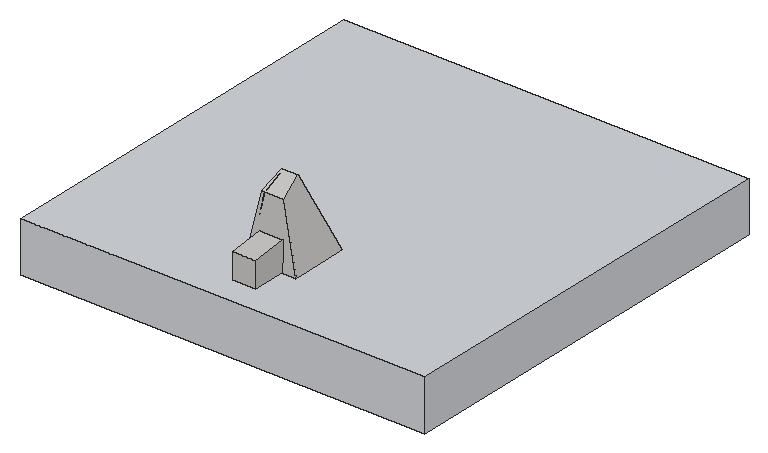
Revit family
Parameters (values of type "1707-W-1")
  Waste Connection = yes
  Vent Connection = no
  URL = "http://www.acornengineering.com"
  TF-120VAC to 24VAC transformer = no
  Specifications = "Penal Ware-Straddle-Washout Urinal-ADA compliant"
  SW-galvanized steel wall sleeve for fixture = no
  Model = "1707-W-1"
  Manufacturer = "Acorn Engineering"
  MT-Metal template (only 1 required per project) = no
  HW Connection = no
  FVT-flush valve through wall connector = yes
  FG-14-gauge cabinet = no
  EG-Enviro-glaze (standard colour as selected) = no
  Designed By = "ATS "
  Description = "Straddle-Washout Urinal-ADA Compliant"
  Default Elevation = 4' - 0"
  CW Connection = yes
  CFR-continuous flushing rim = no
  1-off floor, wall outlet = yes
Reference planes (in)
  plane 1 "Center (Front/Back)": y = 0
  plane 2: z = 0
  plane 3 "Center (Left/Right)": x = 0
  plane 4: y = -48
  plane 5: y = -28
  plane 6: y = -33.5
  plane 7: y = -20
  plane 8: y = -37.0087
  plane 9: y = -21.25175
Forms (in)
  Extrusion 1, solid
    sketch origin (0, 0, 0) x (1, 0, 0) y (0, 1, 0)
      loop
        line (-48, 48) -> (-48, -48) -> (48, -48) -> (48, 48) -> (-48, 48)
    from 0 to -12
  Blend 2, solid, material "Type 304 Stainless Steel"
    base sketch origin (0, -32.81578, 0) x (1, 0, 0) y (0, 1, 0)
      loop
        line (-6, 12.81578) -> (-6, -1.00632) -> (6, -1.00632) -> (6, 12.81578) -> (-6, 12.81578)
    top sketch origin (0, -32.81578, 0) x (1, 0, 0) y (0, 1, 0)
      loop
        line (-1.9375, 4.80883) -> (-1.9375, 0) -> (1.9375, 0) -> (1.9375, 4.80883) -> (-1.9375, 4.80883)
    from 0 to 18
  Extrusion 3, void
    sketch origin (0, -40.81568, 0) x (0, 0, -1) y (0, 1, 0)
      loop
        line (-15.1395, 7.83997) -> (-18, 12.83997) -> (-18, 7.83997) -> (-15.1395, 7.83997)
    from -5.77121 to 12
  Extrusion 4, void
    sketch origin (0, -40.81568, 0) x (0, 0, -1) y (0, 1, 0)
      loop
        line (-5.38271, 7.29451) -> (0, 6.99358) -> (0, 7.29451) -> (-5.38271, 7.29451)
    from -6.76471 to 6.72879
  Extrusion 5, solid, material "Type 304 Stainless Steel"
    sketch origin (-2.75, -40.81568, 0) x (0, 0, -1) y (0, 1, 0)
      loop
        line (0, 7.37736) -> (-6.86476, 7.37736) -> (-6, -0.70549) -> (0, -0.70549) -> (0, 7.37736)
    from 0 to 5.5
  Revolve 6, solid, material "Type 304 Stainless Steel"
    sketch origin (-0.01563, -21.25227, 0.37434) x (1, 0, 0) y (0, 0, -1)
      loop
        line (0, 0.37434) -> (0, 1.81184) -> (-0.48702, 1.81184) -> (-0.53832, 1.78398) -> (-0.4788, 1.74591) -> (-0.54019, 1.71258) -> (-0.48066, 1.67452) -> (-0.54653, 1.63875) -> (-0.48702, 1.60067) -> (-0.54394, 1.56977) -> (-0.48436, 1.53172) -> (-0.54581, 1.49836) -> (-0.48622, 1.46033) -> (-0.54768, 1.42696) -> (-0.48807, 1.38893) -> (-0.54955, 1.35555) -> (-0.48993, 1.31754) -> (-0.5516, 1.28405) -> (-0.49196, 1.24605) -> (-0.55347, 1.21265) -> (-0.49383, 1.17464) -> (-0.55534, 1.14124) -> (-0.4957, 1.10324) -> (-0.55721, 1.06984) -> (-0.49757, 1.03183) -> (-0.56008, 0.99789) -> (-0.51259, 0.9721) -> (-0.54639, 0.9721) -> (-0.54639, 0.81184) -> (-1.26496, 0.81184) -> (-1.26496, 0.37434) -> (0, 0.37434)
      axis (0, 0.37434) -> (0, 1.81184)
    angle from 0 to 360
  Extrusion 7, solid
    sketch origin (0, -48.18638, -6) x (1, 0, 0) y (0, 1, 0)
      loop
        circle (0, 26.93463) r 0.375
    from 4.30038 to 4.5
  Extrusion 8, solid, material "Type 304 Stainless Steel"
    sketch origin (0, -48.39617, 0) x (1, 0, 0) y (0, 1, 0)
      loop
        circle (0, 11.38747) r 1
    from 0 to 0.02
  Extrusion 9, void
    sketch origin (0, -40.81568, 0) x (1, 0, 0) y (0, 0, -1)
      loop
        line (-5.56781, -0.19022) -> (-1.77559, -17.3421) -> (1.97441, -17.3421) -> (5.60821, -0.19022) -> (-5.56781, -0.19022)
    from 12.18198 to 22.66185
  Blend 10, void
    base sketch origin (0, -40.81568, 0) x (1, 0, 0) y (0, 0, -1)
      loop
        line (-5.17748, -0.39566) -> (-2.11928, -14.83069) -> (2.21435, -14.83069) -> (2.26041, -14.61326) -> (5.27255, -0.39566) -> (-5.17748, -0.39566)
    top sketch origin (0, -48.00899, 0) x (1, 0, 0) y (0, 0, -1)
      loop
        line (-5.60751, -0.01066) -> (-1.79931, -17.23479) -> (1.85185, -17.23479) -> (5.66005, -0.01066) -> (-5.60751, -0.01066)
    from 7.83997 to 19.37529
Cuts and joins
  Extrusion 3, Extrusion 9, Blend 10 cuts Blend 2
  Extrusion 4 cuts Extrusion 5
Dimensions and locks (in)
  plane 5 to plane 4 = 1' - 8"
  plane 5 to plane 6 = 0' - 5 1/2"
  plane 7 to plane 5 = 0' - 8"
  plane 9 to plane 8 = 1' - 3.75695"
  plane 8 to plane 9 = 1' - 3.75695"
  aligned and locked: plane 2 to Extrusion 1
  aligned and locked: level to Extrusion 1
Connectors (in)
  piping at (0, -21.25175, -1.69962)
    settings: on Extrusion 7, index 3
  piping at (0, -37.0087, 0)
    settings: on Extrusion 8, index 4
